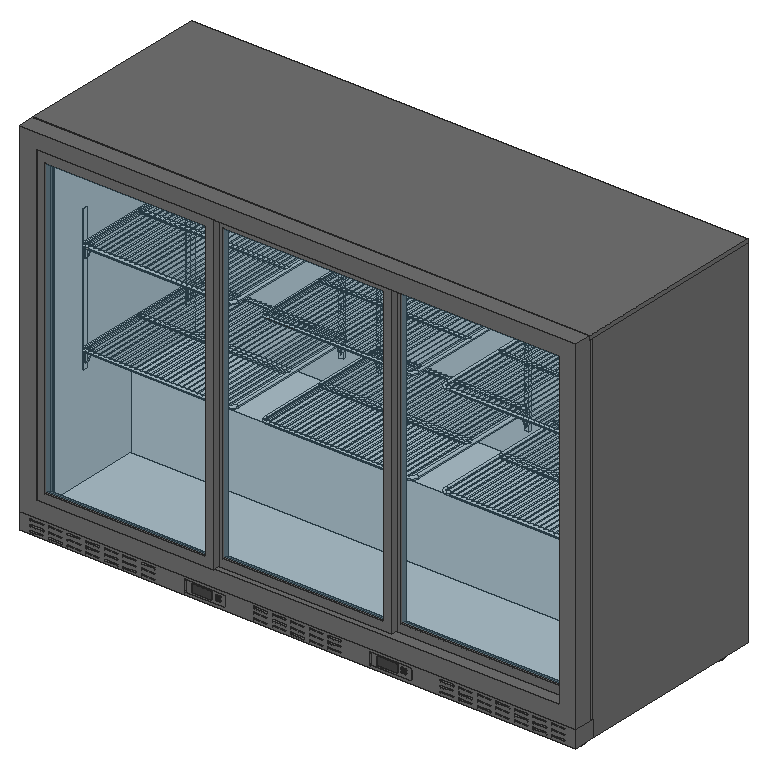
Revit family "QF_KOLDBOX_KBC3SL", category Specialty Equipment, Revit 2016 (continued)
Forms (mm)
  Extrusion 63, solid
    sketch origin (779.5, -45, -0.606) x (-1, 0, 0) y (0, 0, -1)
      loop
        line (-77, -666.989) -> (-77, -670.989) -> (-73, -670.989) -> (-73, -666.989) -> (-77, -666.989)
    from 0 to 5
  Extrusion 64, solid
    sketch origin (-409.25, -1663.773, -239.071) x (0, -1, 0) y (0, 0, 1)
      loop
        line (-1608.773, 812.071) -> (-1593.825, 844.071) -> (-1608.773, 844.071) -> (-1608.773, 812.071)
    from -1264.75 to -1262.75
  Extrusion 65, solid
    sketch origin (466.867, -50, -0.606) x (-1, 0, 0) y (0, 0, -1)
      loop
        line (-382.633, -605.606) -> (-382.633, -573.606) -> (-392.633, -573.606) -> (-392.633, -605.606) -> (-382.633, -605.606)
    from 0 to 5
  Extrusion 66, solid
    sketch origin (-409.25, -1663.773, -467.071) x (0, -1, 0) y (0, 0, 1)
      loop
        line (-1608.773, 812.071) -> (-1593.825, 844.071) -> (-1608.773, 844.071) -> (-1608.773, 812.071)
    from -1264.75 to -1262.75
  Extrusion 67, solid
    sketch origin (466.867, -50, -228.606) x (-1, 0, 0) y (0, 0, -1)
      loop
        line (-382.633, -605.606) -> (-382.633, -573.606) -> (-392.633, -573.606) -> (-392.633, -605.606) -> (-382.633, -605.606)
    from 0 to 5
  Sweep 68, solid
    path origin (487.141, -109.803, 607.382) x (1, 0, 0) y (0, 1, 0)
      loop
        arc (17.859, 55.803) -> (9.373, 52.288) -> (5.859, 43.803) r 12
        line (5.859, 43.803) -> (5.859, -278.83)
        arc (5.859, -278.83) -> (9.373, -287.316) -> (17.859, -290.83) r 12
        line (17.859, -290.83) -> (358.859, -290.83)
        arc (358.859, -290.83) -> (367.344, -287.316) -> (370.859, -278.83) r 12
        line (370.859, -278.83) -> (370.859, 43.803)
        arc (370.859, 43.803) -> (367.344, 52.288) -> (358.859, 55.803) r 12
        line (358.859, 55.803) -> (17.859, 55.803)
    profile origin (675.5, -54, 607.382) x (0, 1, 0) y (0, 0, 1)
      loop
        circle (0, 0) r 3.5
  Extrusion 69, solid
    sketch origin (485, -109.803, 607.382) x (1, 0, 0) y (0, 0, 1)
      loop
        circle (13.5, 4.5) r 1
      loop
        circle (26, 4.5) r 1
      loop
        circle (38.5, 4.5) r 1
      loop
        circle (51, 4.5) r 1
      loop
        circle (63.5, 4.5) r 1
      loop
        circle (76, 4.5) r 1
      loop
        circle (88.5, 4.5) r 1
      loop
        circle (101, 4.5) r 1
      loop
        circle (113.5, 4.5) r 1
      loop
        circle (126, 4.5) r 1
      loop
        circle (138.5, 4.5) r 1
      loop
        circle (151, 4.5) r 1
      loop
        circle (163.5, 4.5) r 1
      loop
        circle (176, 4.5) r 1
      loop
        circle (188.5, 4.5) r 1
      loop
        circle (201, 4.5) r 1
      loop
        circle (213.5, 4.5) r 1
      loop
        circle (226, 4.5) r 1
      loop
        circle (238.5, 4.5) r 1
      loop
        circle (251, 4.5) r 1
      loop
        circle (263.5, 4.5) r 1
      loop
        circle (276, 4.5) r 1
      loop
        circle (288.5, 4.5) r 1
      loop
        circle (301, 4.5) r 1
      loop
        circle (313.5, 4.5) r 1
      loop
        circle (326, 4.5) r 1
      loop
        circle (338.5, 4.5) r 1
      loop
        circle (351, 4.5) r 1
      loop
        circle (363.5, 4.5) r 1
    from -55.803 to 290.83
  Extrusion 70, solid
    sketch origin (493, -15.816, 607.382) x (0, 1, 0) y (0, 0, 1)
      loop
        circle (-211.5, 0) r 3.5
    from 0 to 365
  Sweep 71, solid
    path origin (487.141, -109.803, 379.382) x (1, 0, 0) y (0, 1, 0)
      loop
        arc (17.859, 55.803) -> (9.373, 52.288) -> (5.859, 43.803) r 12
        line (5.859, 43.803) -> (5.859, -278.83)
        arc (5.859, -278.83) -> (9.373, -287.316) -> (17.859, -290.83) r 12
        line (17.859, -290.83) -> (358.859, -290.83)
        arc (358.859, -290.83) -> (367.344, -287.316) -> (370.859, -278.83) r 12
        line (370.859, -278.83) -> (370.859, 43.803)
        arc (370.859, 43.803) -> (367.344, 52.288) -> (358.859, 55.803) r 12
        line (358.859, 55.803) -> (17.859, 55.803)
    profile origin (675.5, -54, 379.382) x (0, 1, 0) y (0, 0, 1)
      loop
        circle (0, 0) r 3.5
  Extrusion 72, solid
    sketch origin (493, -15.816, 379.382) x (0, 1, 0) y (0, 0, 1)
      loop
        circle (-211.5, 0) r 3.5
    from 0 to 365
  Extrusion 73, solid
    sketch origin (485, -109.803, 379.382) x (1, 0, 0) y (0, 0, 1)
      loop
        circle (13.5, 4.5) r 1
      loop
        circle (26, 4.5) r 1
      loop
        circle (38.5, 4.5) r 1
      loop
        circle (51, 4.5) r 1
      loop
        circle (63.5, 4.5) r 1
      loop
        circle (76, 4.5) r 1
      loop
        circle (88.5, 4.5) r 1
      loop
        circle (101, 4.5) r 1
      loop
        circle (113.5, 4.5) r 1
      loop
        circle (126, 4.5) r 1
      loop
        circle (138.5, 4.5) r 1
      loop
        circle (151, 4.5) r 1
      loop
        circle (163.5, 4.5) r 1
      loop
        circle (176, 4.5) r 1
      loop
        circle (188.5, 4.5) r 1
      loop
        circle (201, 4.5) r 1
      loop
        circle (213.5, 4.5) r 1
      loop
        circle (226, 4.5) r 1
      loop
        circle (238.5, 4.5) r 1
      loop
        circle (251, 4.5) r 1
      loop
        circle (263.5, 4.5) r 1
      loop
        circle (276, 4.5) r 1
      loop
        circle (288.5, 4.5) r 1
      loop
        circle (301, 4.5) r 1
      loop
        circle (313.5, 4.5) r 1
      loop
        circle (326, 4.5) r 1
      loop
        circle (338.5, 4.5) r 1
      loop
        circle (351, 4.5) r 1
      loop
        circle (363.5, 4.5) r 1
    from -55.803 to 290.83
  Extrusion 74, solid
    sketch origin (150, -471, 0) x (1, 0, 0) y (0, 0, 1)
      loop
        arc (250, 28) -> (250.879, 25.879) -> (253, 25) r 3
        line (253, 25) -> (347, 25)
        arc (347, 25) -> (349.121, 25.879) -> (350, 28) r 3
        line (350, 28) -> (350, 52)
        arc (350, 52) -> (349.121, 54.121) -> (347, 55) r 3
        line (347, 55) -> (253, 55)
        arc (253, 55) -> (250.879, 54.121) -> (250, 52) r 3
        line (250, 52) -> (250, 28)
    from -1 to 45
  Extrusion 75, solid
    sketch origin (170, -516, 0) x (1, 0, 0) y (0, 0, 1)
      loop
        arc (230, 28) -> (230.879, 25.879) -> (233, 25) r 3
        line (233, 25) -> (327, 25)
        arc (327, 25) -> (329.121, 25.879) -> (330, 28) r 3
        line (330, 28) -> (330, 52)
        arc (330, 52) -> (329.121, 54.121) -> (327, 55) r 3
        line (327, 55) -> (233, 55)
        arc (233, 55) -> (230.879, 54.121) -> (230, 52) r 3
        line (230, 52) -> (230, 28)
      loop
        circle (313.728, 36.25) r 2.5
      loop
        circle (306.228, 43.75) r 2.5
      loop
        line (295, 33) -> (295, 47)
        arc (295, 47) -> (294.121, 49.121) -> (292, 50) r 3
        line (292, 50) -> (248, 50)
        arc (248, 50) -> (245.879, 49.121) -> (245, 47) r 3
        line (245, 47) -> (245, 33)
        arc (245, 33) -> (245.879, 30.879) -> (248, 30) r 3
        line (248, 30) -> (292, 30)
        arc (292, 30) -> (294.121, 30.879) -> (295, 33) r 3
      loop
        circle (313.728, 43.75) r 2.5
      loop
        circle (306.228, 36.25) r 2.5
    from 0 to 2
  Extrusion 76, solid
    sketch origin (177.5, -516, 0) x (1, 0, 0) y (0, 0, 1)
      loop
        circle (306.228, 43.75) r 2.5
    from 0 to 2
  Extrusion 77, solid
    sketch origin (170, -516, -7.5) x (1, 0, 0) y (0, 0, 1)
      loop
        circle (306.228, 43.75) r 2.5
    from 0 to 2
  Extrusion 78, solid
    sketch origin (131.065, -516, 0) x (1, 0, 0) y (0, 0, 1)
      loop
        arc (286.935, 50) -> (284.813, 49.121) -> (283.935, 47) r 3
        line (283.935, 47) -> (283.935, 33)
        arc (283.935, 33) -> (284.813, 30.879) -> (286.935, 30) r 3
        line (286.935, 30) -> (330.935, 30)
        arc (330.935, 30) -> (333.056, 30.879) -> (333.935, 33) r 3
        line (333.935, 33) -> (333.935, 47)
        arc (333.935, 47) -> (333.056, 49.121) -> (330.935, 50) r 3
        line (330.935, 50) -> (286.935, 50)
    from 0 to 2
  Extrusion 79, solid
    sketch origin (170, -516, 0) x (1, 0, 0) y (0, 0, 1)
      loop
        circle (306.228, 43.75) r 2.5
    from 0 to 2
  Extrusion 80, solid
    sketch origin (177.5, -516, -7.5) x (1, 0, 0) y (0, 0, 1)
      loop
        circle (306.228, 43.75) r 2.5
    from 0 to 2
  Extrusion 81, solid
    sketch origin (600, -471, 0) x (1, 0, 0) y (0, 0, 1)
      loop
        arc (250, 28) -> (250.879, 25.879) -> (253, 25) r 3
        line (253, 25) -> (347, 25)
        arc (347, 25) -> (349.121, 25.879) -> (350, 28) r 3
        line (350, 28) -> (350, 52)
        arc (350, 52) -> (349.121, 54.121) -> (347, 55) r 3
        line (347, 55) -> (253, 55)
        arc (253, 55) -> (250.879, 54.121) -> (250, 52) r 3
        line (250, 52) -> (250, 28)
    from -1 to 45
  Extrusion 82, solid
    sketch origin (620, -516, 0) x (1, 0, 0) y (0, 0, 1)
      loop
        arc (230, 28) -> (230.879, 25.879) -> (233, 25) r 3
        line (233, 25) -> (327, 25)
        arc (327, 25) -> (329.121, 25.879) -> (330, 28) r 3
        line (330, 28) -> (330, 52)
        arc (330, 52) -> (329.121, 54.121) -> (327, 55) r 3
        line (327, 55) -> (233, 55)
        arc (233, 55) -> (230.879, 54.121) -> (230, 52) r 3
        line (230, 52) -> (230, 28)
      loop
        circle (313.728, 36.25) r 2.5
      loop
        circle (306.228, 43.75) r 2.5
      loop
        line (295, 33) -> (295, 47)
        arc (295, 47) -> (294.121, 49.121) -> (292, 50) r 3
        line (292, 50) -> (248, 50)
        arc (248, 50) -> (245.879, 49.121) -> (245, 47) r 3
        line (245, 47) -> (245, 33)
        arc (245, 33) -> (245.879, 30.879) -> (248, 30) r 3
        line (248, 30) -> (292, 30)
        arc (292, 30) -> (294.121, 30.879) -> (295, 33) r 3
      loop
        circle (313.728, 43.75) r 2.5
      loop
        circle (306.228, 36.25) r 2.5
    from 0 to 2
  Extrusion 83, solid
    sketch origin (627.5, -516, 0) x (1, 0, 0) y (0, 0, 1)
      loop
        circle (306.228, 43.75) r 2.5
    from 0 to 2
  Extrusion 84, solid
    sketch origin (620, -516, -7.5) x (1, 0, 0) y (0, 0, 1)
      loop
        circle (306.228, 43.75) r 2.5
    from 0 to 2
  Extrusion 85, solid
    sketch origin (581.065, -516, 0) x (1, 0, 0) y (0, 0, 1)
      loop
        arc (286.935, 50) -> (284.813, 49.121) -> (283.935, 47) r 3
        line (283.935, 47) -> (283.935, 33)
        arc (283.935, 33) -> (284.813, 30.879) -> (286.935, 30) r 3
        line (286.935, 30) -> (330.935, 30)
        arc (330.935, 30) -> (333.056, 30.879) -> (333.935, 33) r 3
        line (333.935, 33) -> (333.935, 47)
        arc (333.935, 47) -> (333.056, 49.121) -> (330.935, 50) r 3
        line (330.935, 50) -> (286.935, 50)
    from 0 to 2
  Extrusion 86, solid
    sketch origin (620, -516, 0) x (1, 0, 0) y (0, 0, 1)
      loop
        circle (306.228, 43.75) r 2.5
    from 0 to 2
  Extrusion 87, solid
    sketch origin (627.5, -516, -7.5) x (1, 0, 0) y (0, 0, 1)
      loop
        circle (306.228, 43.75) r 2.5
    from 0 to 2
  Extrusion 88, solid
    sketch origin (1285, -475, 0) x (-1, 0, 0) y (0, 0, -1)
      loop
        line (-25, -860) -> (405, -860) -> (405, -100) -> (-25, -100) -> (-25, -860)
      loop
        line (-5, -840) -> (385, -840) -> (385, -120) -> (-5, -120) -> (-5, -840)
    from 0 to 15
  Extrusion 89, solid
    sketch origin (1285, -482, 0) x (-1, 0, 0) y (0, 0, -1)
      loop
        line (-5, -840) -> (385, -840) -> (385, -120) -> (-5, -120) -> (-5, -840)
    from 0 to 5
  Extrusion 90, solid
    sketch origin (865, -490, 0) x (-1, 0, 0) y (0, 0, -1)
      loop
        line (-25, -860) -> (405, -860) -> (405, -100) -> (-25, -100) -> (-25, -860)
      loop
        line (-5, -840) -> (385, -840) -> (385, -120) -> (-5, -120) -> (-5, -840)
    from 0 to 15
  Extrusion 91, solid
    sketch origin (865, -497, 0) x (-1, 0, 0) y (0, 0, -1)
      loop
        line (-5, -840) -> (385, -840) -> (385, -120) -> (-5, -120) -> (-5, -840)
    from 0 to 5
Cuts and joins
  joined: Extrusion 1, Extrusion 5
Lines and regions (mm)
  symbolic lines, style "200-EquipBorder-2D"
    curve 1: line (0, 0, 0) -> (1335, 0, 0)
    curve 2: line (0, -520, 0) -> (0, 0, 0)
    curve 3: line (1335, -520, 0) -> (0, -520, 0)
    curve 4: line (1335, 0, 0) -> (1335, -520, 0)
  symbolic lines, style "200-EquipInternal-2D"
    curve 5: line (0, -480, 0) -> (1335, -480, 0)
Dimensions and locks
  plane 3 "Left" to plane 4 "Right" = 1350 mm
  plane 5 "Front" to plane 1 "Back" = 520 mm
  plane 6 "Top" to level = 900 mm  (x2)
  plane 1 "Back" to plane 5 "Front" = 520 mm
  plane 4 "Right" to plane 3 "Left" = 1350 mm
  aligned and locked: level to plane 2
